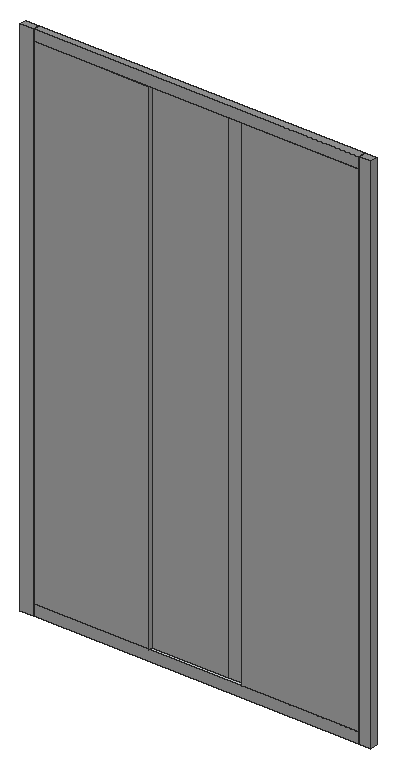
Revit family "MAMPARA ATENEA 1300X1950", category Generic Models, Revit 2019
Family settings
  Can host rebar = No
  Round Connector Dimension = Use Diameter
  Part Type = Normal
  Work Plane-Based = No
  Always vertical = Yes
  Cut with Voids When Loaded = No
  Shared = No
  Room Calculation Point = No
Reference planes
  plane 1 "Center (Front/Back)": y = 0
  plane 2: z = 0
  plane 3 "Center (Left/Right)": x = 0
Forms (mm)
  Extrusion 1, solid
    sketch origin (0, 0, 0) x (1, 0, 0) y (0, 0, 1)
      loop
        line (-147.227, 0) -> (-98.384, 0) -> (-98.384, 1950) -> (-147.227, 1950) -> (-147.227, 0)
      loop
        line (1152.773, 1950) -> (1108.295, 1950) -> (1108.295, 0) -> (1152.773, 0) -> (1152.773, 1950)
    from 224.03 to 250
  Extrusion 2, solid
    sketch origin (0, 0, 0) x (1, 0, 0) y (0, 1, 0)
      loop
        line (1108.295, -250) -> (1108.295, -237.015) -> (675, -237.015) -> (675, -250) -> (1108.295, -250)
      loop
        line (-98.384, -250) -> (330.995, -250) -> (330.995, -237.015) -> (-98.384, -237.015) -> (-98.384, -250)
    from 40 to 1910
  Extrusion 3, solid
    sketch origin (0, 0, 0) x (1, 0, 0) y (0, 1, 0)
      loop
        line (615, -237.015) -> (675, -237.015) -> (675, -224.03) -> (330.995, -224.03) -> (330.995, -237.015) -> (615, -237.015)
    from 40 to 1910
  Extrusion 4, solid
    sketch origin (0, 0, 0) x (1, 0, 0) y (0, 0, 1)
      loop
        line (-98.384, 1950) -> (-98.384, 1910) -> (1108.295, 1910) -> (1108.295, 1950) -> (-98.384, 1950)
      loop
        line (-98.384, 0) -> (1108.295, 0) -> (1108.295, 40) -> (-98.384, 40) -> (-98.384, 0)
    from 224.03 to 250
Dimensions and locks
  aligned and locked: level to plane 2
